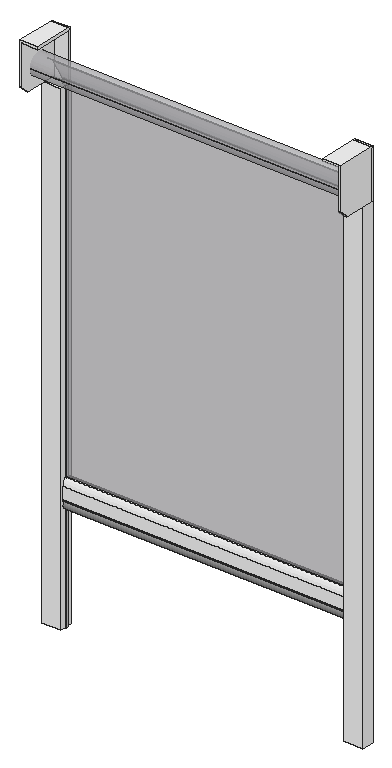
Revit family "Wall_Mount-Screen-Sliding-Phantom_Screens-Motorized_Overhead_Recessed02-CS", category Specialty Equipment, Revit 2017
Family settings
  Round Connector Dimension = Use Diameter
  Part Type = Normal
  OmniClass Number = 23.30.60.21
  OmniClass Title = Insect Screens
  Work Plane-Based = No
  Always vertical = Yes
  Cut with Voids When Loaded = No
  Shared = No
  Room Calculation Point = No
Parameters (values of type "2 1/2 in Roller")
  Width [instance] = if(Requested Width > Max Width, Max Width, if(Requested Width < Min Width, Min Width, Requested Width))  # 3' - 0"
  Void Offset = if([2 1/2 in Roller], 0' 0 13/16", 0' 1 5/8")  # 0' - 0 13/16"
  URL = "https://www.phantomscreens.com/"
  Type Comments = if([5 in Roller], "5 in Recessed Roller", if([4 in Roller], "4 in Recessed Roller", "2 1/2 in Recessed Roller"))  # "2 1/2 in Recessed Roller"
  Track Thickness = 0' - 1 3/8"  # constant formula
  Track Height = 0' - 2 7/64"  # constant formula
  Thickness = if(or([4 in Roller], [5 in Roller]), 0' 4 13/16", 0' 4")  # 0' - 4"
  Slide Bar Height [instance] = if([4 in Bottom Seal], 0' 3 11/16", if([6 in Bottom Seal], 0' 4 5/16", if([1 1/2 in Brush Pile], 0' 3 13/16", if([3/4 in Brush Pile], 0' 3 1/16", 0' 3 15/64"))))  # 0' - 3 15/64"
  Screen Opening Height Calc [instance] = if(Screen Opening > Height Opening - Slide Bar Height, Height Opening - Slide Bar Height, Screen Opening)  # 1' - 0"
  Roller Radius = if([2 1/2 in Roller], 0' 1 1/4", if([4 in Roller], 0' 2", 0' 2 1/2"))  # 0' - 1 1/4"
  Requested Width [instance] = 3' - 0"
  Requested Height [instance] = 5' - 0"
  Product Page URL = "https://www.phantomscreens.com/retractable-large-openings/"
  Product Name = "Motorized Overhead Wall Screens"  # constant formula
  Product Documentation Link = "https://www.phantomscreens.com/architects-designers/"
  Not 2 1/2 = not([2 1/2 in Roller])  # no
  Model = "Motorized Retractable Wall Screen"  # constant formula
  Min Width = if([2 1/2 in Roller], 2' 2", if([4 in Roller], 2' 9", 2' 9"))  # 2' - 2"
  Mesh Offset = 0' - 0 159/256"  # constant formula
  Max Width = if([2 1/2 in Roller], 10' 0", if([4 in Roller], 20' 0", 25' 0"))  # 10' - 0"
  Max Height = if([2 1/2 in Roller], 8' 0", if([4 in Roller], 11' 0", 16' 0"))  # 8' - 0"
  Manufacturer = "Phantom Mfg. (Int'l) Ltd."  # constant formula
  Housing Height = if(or([4 in Roller], [5 in Roller]), 0' 8", 0' 7")  # 0' - 7"
  Height Opening [instance] = Height - Housing Height  # 4' - 5"
  Height [instance] = if(Requested Height > Max Height, Max Height, Requested Height)  # 5' - 0"
  Finish Seal = Vinyl-Seal-Phantom_Screens-T-Vinyl_Grey
  Finish Screen = Screen-Insect_Mesh-Phantom_Screens-BetterVue_Mesh
  Finish = Metal-Aluminum-Phantom_Screens-Classic_White
  Screen Opening [instance] = 1' - 0"
  Description = "Phantom motorized retractable screen with side tracks"  # constant formula
  Brush Pile [instance] = or([3/4 in Brush Pile], [1 1/2 in Brush Pile])  # no
  Bracket Width = if([4 in Roller], 0' 3 1/8", if([5 in Roller], 0' 4 1/8", 0' 4 1/2"))  # 0' - 4 1/2"
  Assembly Code = "B2010300"
  6 in Bottom Seal [instance] = no
  5 in Roller = no
  4 in Roller = no
  4 in Bottom Seal [instance] = no
  3/4 in Brush Pile [instance] = no
  3 in Bottom Seal [instance] = not(or(or(or([4 in Bottom Seal], [6 in Bottom Seal], [1 1/2 in Brush Pile], [3/4 in Brush Pile]))))  # yes
  2 1/2 in Roller = not(or([4 in Roller], [5 in Roller]))  # yes
  1 1/2 in Brush Pile [instance] = no
Types (4): name | Void Offset | Type Comments | Thickness | Roller Radius | Not 2 1/2 | Min Width | Max Width | Max Height | Housing Height | Height Opening | Bracket Width | 5 in Roller | 4 in Roller | 2 1/2 in Roller
  (no name) | 0' - 0 13/16" | "2 1/2 in Recessed Roller" | 0' - 4" | 0' - 1 1/4" | no | 2' - 2" | 10' - 0" | 8' - 0" | 0' - 7" | 4' - 5" | 0' - 4 1/2" | no | no | yes
  5 in Roller | 0' - 1 5/8" | "5 in Recessed Roller" | 0' - 4 13/16" | 0' - 2 1/2" | yes | 2' - 9" | 25' - 0" | 16' - 0" | 0' - 8" | 4' - 4" | 0' - 4 1/8" | yes | no | no
  4 in Roller | 0' - 1 5/8" | "4 in Recessed Roller" | 0' - 4 13/16" | 0' - 2" | yes | 2' - 9" | 20' - 0" | 11' - 0" | 0' - 8" | 4' - 4" | 0' - 3 1/8" | no | yes | no
  2 1/2 in Roller | 0' - 0 13/16" | "2 1/2 in Recessed Roller" | 0' - 4" | 0' - 1 1/4" | no | 2' - 2" | 10' - 0" | 8' - 0" | 0' - 7" | 4' - 5" | 0' - 4 1/2" | no | no | yes
Reference planes (in)
  plane 1 "Center (Front/Back)": y = -3.46754
  plane 2: z = 0
  plane 3 "Center (Left/Right)": x = 28.55646
  plane 4 "Top": z = 60
  plane 5 "Left": x = 10.55646
  plane 6 "Right": x = 46.55646
  plane 7 "Front": y = -3.46754
  plane 8 "Back": y = 0.53246
  plane 9 "Screen Top": z = 53
  plane 10 "Track Interior": y = -1.15653
  plane 11 "Bottom Track": z = 12
  plane 12 "Track Exterior": y = 0.21847
  plane 13 "Right Offset": x = 44.44708
  plane 14 "Left Offset": x = 12.66583
  plane 15 "ScreenOffset": z = 15.23437
  plane 16 "Slide Bar Edge": y = -0.76442
  plane 17 "Req Width Left": x = 10.55646
  plane 18 "Req Width Right": x = 46.55646
  plane 19 "Req Height": z = 60
  plane 20 "Screen Open": z = 12
  plane 21: z = 12
  plane 22 "Void": y = -4.28004
Forms (in)
  Extrusion 1, solid, material "Metal-Aluminum-Phantom_Screens-Classic_White" <- "Finish", detail levels coarse
    sketch origin (0, 0, 0) x (1, 0, 0) y (0, 1, 0)
      loop
        line (10.55646, 0.21847) -> (10.55646, -1.15653) -> (12.66583, -1.15653) -> (12.66583, 0.21847) -> (10.55646, 0.21847)
      loop
        line (44.44708, 0.21847) -> (44.44708, -1.15653) -> (46.55646, -1.15653) -> (46.55646, 0.21847) -> (44.44708, 0.21847)
    from 0 to 54.5
  Extrusion 2, solid, material "Screen-Insect_Mesh-Phantom_Screens-BetterVue_Mesh" <- "Finish Screen"
    sketch origin (0, 0, 0) x (1, 0, 0) y (0, 1, 0)
      loop
        line (12.29083, -0.40262) -> (12.29083, -0.47684) -> (44.81817, -0.47684) -> (44.81817, -0.40262) -> (12.29083, -0.40262)
    from 14.85217 to 55.05
  Extrusion 3, solid, material "Metal-Aluminum-Phantom_Screens-Classic_White" <- "Finish", detail levels medium+fine
    sketch origin (0, 0, 2) x (1, 0, 0) y (0, 1, 0)
      loop
        line (12.66583, 0.21847) -> (10.55646, 0.21847) -> (10.55646, -1.15653) -> (12.66583, -1.15653) -> (12.66583, -0.64122)
        arc (12.66583, -0.64122) -> (12.72259, -0.59305) -> (12.75815, -0.52764) r 0.20286
        line (12.75815, -0.52764) -> (12.66583, -0.52764) -> (12.66583, -0.40254) -> (12.75815, -0.40254)
        arc (12.75815, -0.40254) -> (12.72259, -0.33714) -> (12.66583, -0.28897) r 0.20286
        line (12.66583, -0.28897) -> (12.66583, 0.21847)
      loop
        line (44.44708, 0.21847) -> (44.44708, -0.28897)
        arc (44.44708, -0.28897) -> (44.39032, -0.33714) -> (44.35476, -0.40254) r 0.20286
        line (44.35476, -0.40254) -> (44.44708, -0.40254) -> (44.44708, -0.52764) -> (44.35476, -0.52764)
        arc (44.35476, -0.52764) -> (44.39032, -0.59305) -> (44.44708, -0.64122) r 0.20286
        line (44.44708, -0.64122) -> (44.44708, -1.15653) -> (46.55646, -1.15653) -> (46.55646, 0.21847) -> (44.44708, 0.21847)
    from -2 to 52.5
  Extrusion 4, solid, material "Metal-Aluminum-Phantom_Screens-Classic_White" <- "Finish", detail levels coarse
    sketch origin (28.55646, 0, 0) x (0, 1, 0) y (0, 0, 1)
      loop
        line (0.05015, 15.23437) -> (-0.9811, 15.23437) -> (-0.9811, 12) -> (0.05015, 12) -> (0.05015, 15.23437)
    from -15.89063 to 15.89063
  Extrusion 5, solid, material "Screen-Insect_Mesh-Phantom_Screens-BetterVue_Mesh" <- "Finish Screen"
    sketch origin (28.55646, 0.5, 0) x (0, 1, 0) y (0, 0, 1)
      loop
        circle (-2.53004, 56.75) r 1.25
    from -17.75 to 17.75
  Extrusion 6, solid, material "Metal-Aluminum-Phantom_Screens-Classic_White" <- "Finish", detail levels medium+fine
    sketch origin (0, 0.53246, 0) x (-1, 0, 0) y (0, 0, -1)
      loop
        line (-46.55646, -54.5) -> (-46.55646, -60) -> (-44.55646, -60) -> (-44.55646, -59.75) -> (-46.30646, -59.75) -> (-46.30646, -54.5) -> (-46.55646, -54.5)
      loop
        line (-10.55646, -54.5) -> (-10.80646, -54.5) -> (-10.80646, -59.75) -> (-12.55646, -59.75) -> (-12.55646, -60) -> (-10.55646, -60) -> (-10.55646, -54.5)
    from 0.3125 to 4.8125
  Extrusion 7, solid, material "Metal-Aluminum-Phantom_Screens-Classic_White" <- "Finish", detail levels medium+fine
    sketch origin (28.55646, -0.01208, 0) x (0, 1, 0) y (0, 0, 1)
      loop
        line (-0.13489, 12.91334) -> (-0.01651, 12.91334)
        arc (-0.01651, 12.91334) -> (0.03916, 12.93641) -> (0.06223, 12.99208) r 0.07874
        line (0.06223, 12.99208) -> (0.06223, 14.45505)
        arc (0.06223, 14.45505) -> (-0.07265, 14.85378) -> (-0.25244, 15.23437) r 3.6579
        line (-0.25244, 15.23437) -> (-0.36492, 15.23437) -> (-0.36492, 15.16923) -> (-0.54189, 15.16923) -> (-0.54189, 15.23437) -> (-0.65436, 15.23437)
        arc (-0.65436, 15.23437) -> (-0.86605, 14.86666) -> (-0.96903, 14.45505) r 1.53543
        line (-0.96903, 14.45505) -> (-0.96903, 12.99208)
        arc (-0.96903, 12.99208) -> (-0.94596, 12.93641) -> (-0.89029, 12.91334) r 0.07874
        line (-0.89029, 12.91334) -> (-0.77784, 12.91334)
        arc (-0.77784, 12.91334) -> (-0.79059, 12.86608) -> (-0.81275, 12.82243) r 0.23788
        line (-0.81275, 12.82243) -> (-0.10064, 12.82243)
        arc (-0.10064, 12.82243) -> (-0.12246, 12.86612) -> (-0.13489, 12.91334) r 0.23788
    from -15.89063 to 15.89063
  Blend 8, solid, material "Screen-Insect_Mesh-Phantom_Screens-BetterVue_Mesh" <- "Finish Screen"
    base sketch origin (0, 0, 0) x (1, 0, 0) y (0, 1, 0)
      loop
        line (12.29083, -0.40262) -> (12.29083, -0.47684) -> (44.81817, -0.47684) -> (44.81817, -0.40262) -> (12.29083, -0.40262)
    top sketch origin (0, 0, 0) x (1, 0, 0) y (0, 1, 0)
      loop
        line (12.29083, -1.79325) -> (12.29083, -1.86747) -> (44.81817, -1.86747) -> (44.81817, -1.79325) -> (12.29083, -1.79325)
    from 55.05 to 57.5
  Extrusion 9, solid, material "Vinyl-Seal-Phantom_Screens-T-Vinyl_Grey" <- "Finish Seal", visible <- "3 in Bottom Seal", detail levels medium+fine
    sketch origin (28.55646, 0, 0) x (0, 1, 0) y (0, 0, 1)
      loop
        arc (-0.82482, 12.82243) -> (-0.46877, 12) -> (-0.11272, 12.82243) r 0.48829
        line (-0.11272, 12.82243) -> (-0.82482, 12.82243)
    from -15.89063 to 15.89063
  Extrusion 10, solid, material "Vinyl-Seal-Phantom_Screens-T-Vinyl_Grey" <- "Finish Seal", visible <- "6 in Bottom Seal", detail levels medium+fine
    sketch origin (28.55646, 0, 0.5) x (0, 1, 0) y (0, 0, 1)
      loop
        arc (-0.82483, 13.40056) -> (-0.46877, 11.4868) -> (-0.11272, 13.40056) r 0.99
        line (-0.11272, 13.40056) -> (-0.82483, 13.40056)
    from -15.89063 to 15.89063
  Extrusion 11, solid, material "Vinyl-Seal-Phantom_Screens-T-Vinyl_Grey" <- "Finish Seal", visible <- "4 in Bottom Seal", detail levels medium+fine
    sketch origin (28.55646, 0, 1.13516) x (0, 1, 0) y (0, 0, 1)
      loop
        arc (-0.82483, 12.14039) -> (-0.46877, 10.86478) -> (-0.11272, 12.14039) r 0.6875
        line (-0.11272, 12.14039) -> (-0.82483, 12.14039)
    from -15.89063 to 15.89063
  Extrusion 12, solid, material "Brush-Seal-Phantom_Screens-Brush_Pile_Black", visible <- "Brush Pile", detail levels medium+fine
    sketch origin (28.55646, 0, 0) x (0, 1, 0) y (0, 0, 1)
      loop
        line (-0.04434, 12) -> (-0.11271, 12.82243) -> (-0.24075, 12.82243) -> (-0.30913, 12) -> (-0.04434, 12)
      loop
        line (-0.6902, 12.82243) -> (-0.82482, 12.82243) -> (-0.8932, 12) -> (-0.62182, 12) -> (-0.6902, 12.82243)
    from -15.89063 to 15.89063
  Extrusion 13, void
    sketch origin (28.55646, 0, 0) x (0, 1, 0) y (0, 0, 1)
      loop
        line (-3.19411, 54.22657) -> (-4.5282, 55.56066) -> (-4.5282, 54.22657) -> (-3.19411, 54.22657)
    from -18 to 18
  Extrusion 14, solid, material "Metal-Aluminum-Phantom_Screens-Classic_White" <- "Finish", visible <- "2 1/2 in Roller", detail levels medium+fine
    sketch origin (0, 0.53246, 0) x (-1, 0, 0) y (0, 0, -1)
      loop
        line (-10.55646, -60) -> (-10.55646, -54.5) -> (-12.55646, -54.5) -> (-12.55646, -60) -> (-10.55646, -60)
      loop
        line (-46.55646, -60) -> (-44.55646, -60) -> (-44.55646, -54.5) -> (-46.55646, -54.5) -> (-46.55646, -60)
    from 0.31398 to 0.41398
Cuts and joins
  Extrusion 13 cuts Extrusion 6
Dimensions and locks (in)
  equal spacing: plane 5 "Left", plane 3 "Center (Left/Right)", plane 6 "Right"
  "Width": plane 5 "Left" to plane 6 "Right"
  "Housing Height": plane 4 "Top" to plane 9 "Screen Top"
  "Height": plane 4 "Top" to level
  "Screen Opening Height Calc": plane 20 "Screen Open" to plane 2
  plane 8 "Back" to plane 1 "Center (Front/Back)" to plane 7 "Front" = 0' - 4", 0' - 0"
  "Track Thickness": plane 10 "Track Interior" to plane 12 "Track Exterior"
  plane 12 "Track Exterior" to plane 8 "Back" = 0' - 0.31398"
  "Track Height": plane 5 "Left" to plane 14 "Left Offset"
  "Track Height": plane 13 "Right Offset" to plane 6 "Right"
  "Slide Bar Height": plane 15 "ScreenOffset" to plane 11 "Bottom Track"
  locked: plane 15 "ScreenOffset" to Extrusion 2 at 0.38221
  "Mesh Offset": Extrusion 2 sketch curve to plane 12 "Track Exterior"
  locked: Extrusion 2 sketch curve to plane 14 "Left Offset" at 0.375
  locked: plane 13 "Right Offset" to Extrusion 2 sketch curve at 0.37109
  plane 5 "Left" to nested 2 to Extrusion 3 sketch curve to Extrusion 3 sketch curve to Extrusion 3 sketch curve to Extrusion 3 sketch curve = 0' - 0" locked, 0' - 2 7/64" locked, 0' - 0" locked, 0' - 0.09232" locked, 0' - 0" locked
  Extrusion 3 sketch curve to Extrusion 3 sketch curve to Extrusion 3 sketch curve to Extrusion 3 sketch curve to Extrusion 3 sketch curve to Extrusion 3 sketch curve to plane 12 "Track Exterior" = 0' - 0.51531" locked, 0' - 0.11357" locked, 0' - 0.12511" locked, 0' - 0.11357" locked, 0' - 0.50744" locked, 0' - 0" locked  (x2)
  plane 6 "Right" to Extrusion 3 sketch curve to Extrusion 3 sketch curve to Extrusion 3 sketch curve to Extrusion 3 sketch curve = 0' - 2 7/64", 0' - 0" locked, 0' - 0.09232", 0' - 0" locked
  locked: Extrusion 2 to plane 9 "Screen Top" at 2.05
  locked: Extrusion 2 sketch curve to Extrusion 2 sketch curve at 0.07422
  Extrusion 4 sketch curve to Extrusion 4 sketch curve to plane 10 "Track Interior" = 0' - 1 1/32" locked, 0' - 0.17543" locked
  plane 4 "Top" to Extrusion 6 sketch curve to Extrusion 6 sketch curve = 0' - 0 1/4" locked, 0' - 5 1/4" locked  (x2)
  Extrusion 6 sketch curve to Extrusion 6 sketch curve to plane 6 "Right" = 0' - 1 3/4" locked, 0' - 0 1/4" locked
  Extrusion 6 sketch curve to Extrusion 6 sketch curve to plane 5 "Left" = 0' - 1 3/4" locked, 0' - 0 1/4" locked
  locked: Extrusion 5 to plane 5 "Left" at 0.25
  locked: plane 6 "Right" to Extrusion 5 at 0.25
  locked: plane 8 "Back" to plane 12 "Track Exterior" at 0.31398
  plane 15 "ScreenOffset" to Extrusion 7 sketch curve to Extrusion 7 sketch curve to Extrusion 7 sketch curve to Extrusion 7 sketch curve to Extrusion 7 sketch curve to Extrusion 7 sketch curve to Extrusion 7 sketch curve to Extrusion 7 sketch curve = 0' - 0" locked, 0' - 0" locked, 0' - 0.06515" locked, 0' - 0.71418" locked, 0' - 0" locked, 0' - 1.54171" locked, 0' - 0" locked, 0' - 0.09091" locked
  locked: plane 12 "Track Exterior" to nested 1 at 0.16832
  "Thickness": plane 8 "Back" to plane 7 "Front"
  equal spacing: Extrusion 6, Extrusion 5 sketch curve, Extrusion 6
  "Mesh Offset": Blend 8 sketch curve to plane 12 "Track Exterior"
  locked: Blend 8 sketch curve to Blend 8 sketch curve at 0.07422
  locked: Blend 8 sketch curve to plane 14 "Left Offset" at 0.375  (x2)
  locked: plane 13 "Right Offset" to Blend 8 sketch curve at 0.37109  (x2)
  locked: plane 9 "Screen Top" to Blend 8 at 2.05
  plane 8 "Back" to Blend 8 = 0' - 2.3257"
  Blend 8 sketch curve to Blend 8 sketch curve to plane 1 "Center (Front/Back)" = 0' - 0 19/256" locked, 0' - 1.60008"
  locked: plane 1 "Center (Front/Back)" to Extrusion 6 at 0.8125
  locked: Extrusion 3 to plane 9 "Screen Top" at 1.5
  locked: Extrusion 1 to plane 9 "Screen Top" at 1.5
  "Requested Height": plane 19 "Req Height" to plane 2
  "Requested Width": plane 18 "Req Width Right" to plane 17 "Req Width Left"
  equal spacing: plane 18 "Req Width Right", plane 3 "Center (Left/Right)", plane 17 "Req Width Left"
  locked: Blend 8 to plane 9 "Screen Top" at 4.5
  "Screen Opening": plane 21 to plane 2
  plane 12 "Track Exterior" to Extrusion 7 sketch curve to Extrusion 7 sketch curve to Extrusion 7 sketch curve to Extrusion 7 sketch curve to Extrusion 7 sketch curve to Extrusion 7 sketch curve to Extrusion 7 sketch curve to Extrusion 7 sketch curve to Extrusion 7 sketch curve to Extrusion 7 sketch curve = 0' - 0.16832" locked, 0' - 0.16286" locked, 0' - 0.03426" locked, 0' - 0.11754" locked, 0' - 0.11248" locked, 0' - 0.17697" locked, 0' - 0.11248" locked, 0' - 0.12348" locked, 0' - 0.0349" locked, 0' - 0.15628" locked
  Extrusion 9 sketch curve to Extrusion 9 sketch curve to plane 20 "Screen Open" = 0' - 0.82243" locked, 0' - 0" locked
  plane 12 "Track Exterior" to Extrusion 9 sketch curve to Extrusion 9 sketch curve = 0' - 0.33119" locked, 0' - 0.71211" locked
  Extrusion 10 sketch curve to plane 20 "Screen Open" to Extrusion 10 sketch curve = 0' - 1.90056" locked, 0' - 0.0132" locked
  Extrusion 11 sketch curve to plane 20 "Screen Open" to Extrusion 11 sketch curve = 0' - 1.27556" locked, 0' - 0.00006" locked
  plane 12 "Track Exterior" to Extrusion 11 sketch curve to Extrusion 11 sketch curve = 0' - 0.33119" locked, 0' - 0.71211" locked
  plane 12 "Track Exterior" to Extrusion 12 sketch curve to Extrusion 12 sketch curve to Extrusion 12 sketch curve to Extrusion 12 sketch curve = 0' - 0.33119" locked, 0' - 0.12804" locked, 0' - 0.44945" locked, 0' - 0.13462" locked
  plane 15 "ScreenOffset" to Extrusion 12 sketch curve to Extrusion 12 sketch curve = 0' - 2.41194" locked, 0' - 0" locked
  plane 12 "Track Exterior" to Extrusion 10 sketch curve to Extrusion 10 sketch curve = 0' - 0.33119" locked, 0' - 0.71211" locked
  "Bracket Width": Extrusion 6 to Extrusion 6
  Extrusion 13 sketch curve to plane 22 "Void" to Extrusion 13 sketch curve = 0' - 1 11/128" locked, 0' - 0.24816" locked
  plane 19 "Req Height" to Extrusion 13 sketch curve to Extrusion 13 sketch curve = 0' - 4.43934" locked, 0' - 1.33409" locked
  "Void Offset": plane 7 "Front" to plane 22 "Void"
  locked: Extrusion 14 sketch curve to plane 17 "Req Width Left" at 2
  locked: plane 19 "Req Height" to Extrusion 14 sketch curve at 5.5  (x2)
  locked: Extrusion 14 sketch curve to plane 18 "Req Width Right" at 2
  locked: Extrusion 14 to plane 12 "Track Exterior" at 0.1
  "Roller Radius": radius of Extrusion 5 sketch curve
  aligned and locked: level to plane 2
  aligned and locked: Extrusion 1 sketch curve to plane 10 "Track Interior"  (x2)
  aligned and locked: plane 6 "Right" to Extrusion 1 sketch curve
  aligned and locked: Extrusion 1 to level
  aligned and locked: Extrusion 1 sketch curve to plane 13 "Right Offset"
  aligned and locked: plane 12 "Track Exterior" to Extrusion 1 sketch curve  (x2)
  aligned and locked: plane 5 "Left" to Extrusion 1 sketch curve
  aligned and locked: Extrusion 1 sketch curve to plane 14 "Left Offset"
  aligned and locked: nested 2 to plane 5 "Left"
  aligned and locked: nested 1 to plane 11 "Bottom Track"
  aligned and locked: plane 6 "Right" to nested 3
  aligned and locked: nested 2 to plane 12 "Track Exterior"
  aligned and locked: plane 12 "Track Exterior" to nested 3
  aligned and locked: plane 11 "Bottom Track" to Extrusion 4 sketch curve
  aligned and locked: Extrusion 4 sketch curve to plane 15 "ScreenOffset"
  aligned and locked: Extrusion 4 to plane 14 "Left Offset"
  aligned and locked: Extrusion 4 to plane 13 "Right Offset"
  aligned and locked: plane 4 "Top" to Extrusion 6 sketch curve
  aligned and locked: Extrusion 6 sketch curve to plane 6 "Right"
  aligned and locked: Extrusion 6 sketch curve to plane 4 "Top"
  aligned and locked: Extrusion 7 to plane 14 "Left Offset"
  aligned and locked: Extrusion 7 to plane 13 "Right Offset"
  aligned and locked: plane 20 "Screen Open" to plane 11 "Bottom Track"
  aligned and locked: plane 14 "Left Offset" to Extrusion 3 sketch curve
  aligned and locked: Extrusion 2 to Blend 8
  aligned and locked: Extrusion 6 to plane 5 "Left"
  aligned and locked: Extrusion 3 to plane 5 "Left"
  aligned and locked: Extrusion 10 to plane 14 "Left Offset"
  aligned and locked: Extrusion 11 to plane 14 "Left Offset"
  aligned and locked: Extrusion 12 to plane 14 "Left Offset"
  aligned and locked: Extrusion 9 to plane 14 "Left Offset"
  aligned and locked: Extrusion 10 to plane 13 "Right Offset"
  aligned and locked: Extrusion 11 to plane 13 "Right Offset"
  aligned and locked: Extrusion 12 to plane 13 "Right Offset"
  aligned and locked: Extrusion 9 to plane 13 "Right Offset"
  aligned and locked: Extrusion 12 sketch curve to plane 20 "Screen Open"  (x2)
  aligned and locked: Extrusion 13 to plane 17 "Req Width Left"
  aligned and locked: Extrusion 13 to plane 18 "Req Width Right"
  aligned and locked: Extrusion 14 sketch curve to cut or joined group of Extrusion 6, Extrusion 13  (x2)
  aligned and locked: plane 19 "Req Height" to Extrusion 14 sketch curve
  aligned and locked: Extrusion 14 sketch curve to plane 18 "Req Width Right"
  aligned and locked: Extrusion 14 to plane 12 "Track Exterior"
Automatic sketch dimensions
  plane 12 "Track Exterior" to Extrusion 12 sketch curve = 0' - 0.5276"
  Extrusion 12 sketch curve to Extrusion 12 sketch curve = 0' - 0.26479"
  Extrusion 12 sketch curve to plane 10 "Track Interior" = 0' - 0.26333"
  Extrusion 12 sketch curve to Extrusion 12 sketch curve = 0' - 0.27138"
  Extrusion 3 sketch curve to Extrusion 3 sketch curve = 0' - 0"  (x4)
  Extrusion 3 sketch curve to plane 5 "Left" = 0' - 0"
  Extrusion 3 sketch curve to plane 13 "Right Offset" = 0' - 0"
  Extrusion 3 sketch curve to plane 6 "Right" = 0' - 0"
  Extrusion 6 sketch curve to plane 5 "Left" = 0' - 0"
  Extrusion 7 sketch curve to Extrusion 7 sketch curve = 0' - 0.04364"
  plane 1 "Center (Front/Back)" to Extrusion 7 sketch curve = 0' - 0.00904"
  Extrusion 7 sketch curve to Extrusion 7 sketch curve = 0' - 0.07874"  (x2)
  Extrusion 7 sketch curve to Extrusion 7 sketch curve = 0' - 0.03792"
  Extrusion 7 sketch curve to plane 8 "Back" = 0' - 0.01317"
  Extrusion 5 sketch curve to plane 4 "Top" = 0' - 3 1/4"
Nested families (in)
  nested 1: "Nested-Detail-Phantom_Screens-Motorized-Overhead-Slide_Bar" at (28.55646, -0.46548, 14) x (0, 1, 0) z (1, 0, 0), type "Slide Bar"
  nested 2: "Nested-Detail-Phantom_Screens-Motorized-Overhead-Side_Track_Recessed" at (12.55646, -0.46903, 0) x (0, -1, 0) z (0, 0, 1), type "Side Track Recessed"
  nested 3: "Nested-Detail-Phantom_Screens-Motorized-Overhead-Side_Track_Recessed" at (44.55646, -0.46903, 0) x (0, -1, 0) z (0, 0, 1), type "Side Track Recessed"
Definition of nested family "Nested-Detail-Phantom_Screens-Motorized-Overhead-Slide_Bar"
  Parameters (values of type "Seal")
    Width = 0' - 1 1/32"  # constant formula
    URL = "https://www.phantomscreens.com/"
    Type Comments = "For Use With Phantom Models Only"  # constant formula
    Manufacturer = "Phantom Mfg. (Int'l) Ltd."  # constant formula
    Height = if([4 in Bottom Seal], 0' 3 11/16", if([6 in Bottom Seal], 0' 4 5/16", if([1 1/2 in Brush Pile], 0' 3 13/16", if([3/4 in Brush Pile], 0' 3 1/16", 0' 3 15/64"))))  # 0' - 3 15/64"
    Description = if([4 in Bottom Seal], "4 in T-Vinyl", if([6 in Bottom Seal], "6 in T-Vinyl", if([1 1/2 in Brush Pile], " 1 1/2 in Unversal Brush Pile", if([3/4 in Brush Pile], "3/4 in Universal Brush Pile", "3 in T-Vinyl"))))  # "3 in T-Vinyl"
    Brush Pile = or([1 1/2 in Brush Pile], [3/4 in Brush Pile])  # no
    6 in Bottom Seal = no
    4 in Bottom Seal = no
    3/4 in Brush Pile = no
    3 in Bottom Seal = not(or(or(or([4 in Bottom Seal], [6 in Bottom Seal], [1 1/2 in Brush Pile], [3/4 in Brush Pile]))))  # yes
    1 1/2 in Brush Pile = no
  Reference planes (in)
    plane 1 "Center (Front/Back)": y = -0.38281
    plane 2: z = 0
    plane 3 "Center (Left/Right)": x = 0
    plane 4 "Right": x = 0.51563
    plane 5 "Left": x = -0.51563
    plane 6 "Top": y = 1.23438
    plane 7 "Bottom": y = -2
  Lines and regions (in)
    Masking region 1, in view "Ref. Level", detail levels medium+fine
      outline origin (0, 0, 0) x (1, 0, 0) y (0, 1, 0)
        loop
          arc (-0.20096, 1.23437) -> (-0.41265, 0.86666) -> (-0.51562, 0.45505) r 1.53543
          line (-0.51562, 0.45505) -> (-0.51563, -1.00792)
          arc (-0.51563, -1.00792) -> (-0.49256, -1.06359) -> (-0.43688, -1.08666) r 0.07874
          line (-0.43688, -1.08666) -> (-0.3516, -1.08666) -> (-0.3516, -1.03705) -> (-0.44937, -1.03705)
          arc (-0.44937, -1.03705) -> (-0.47653, -0.98114) -> (-0.44937, -0.92524) r 0.07111
          line (-0.44937, -0.92524) -> (-0.12732, -0.92524)
          arc (-0.12732, -0.92524) -> (-0.10015, -0.98114) -> (-0.12732, -1.03705) r 0.07111
          line (-0.12732, -1.03705) -> (-0.22509, -1.03705) -> (-0.22509, -1.08666) -> (0.22509, -1.08666) -> (0.22509, -1.03705) -> (0.12732, -1.03705)
          arc (0.12732, -1.03705) -> (0.10016, -0.98114) -> (0.12732, -0.92524) r 0.07111
          line (0.12732, -0.92524) -> (0.44937, -0.92524)
          arc (0.44937, -0.92524) -> (0.47653, -0.98114) -> (0.44937, -1.03705) r 0.07111
          line (0.44937, -1.03705) -> (0.3516, -1.03705) -> (0.3516, -1.08666) -> (0.43689, -1.08666)
          arc (0.43689, -1.08666) -> (0.49256, -1.06359) -> (0.51563, -1.00792) r 0.07874
          line (0.51563, -1.00792) -> (0.51563, 0.45505)
          arc (0.51563, 0.45505) -> (0.41266, 0.86666) -> (0.20096, 1.23437) r 1.53543
          line (0.20096, 1.23437) -> (0.08849, 1.23437) -> (0.08849, 1.16923) -> (0.17, 1.16923) -> (0.17, 0.91354) -> (0.0625, 0.91354) -> (0.0625, 0.86364) -> (0.155, 0.7877) -> (0.155, 0.68935)
          arc (0.155, 0.68935) -> (0, 0.53435) -> (-0.155, 0.68935) r 0.155
          line (-0.155, 0.68935) -> (-0.155, 0.7877) -> (-0.0625, 0.86364) -> (-0.0625, 0.91354) -> (-0.17, 0.91354) -> (-0.17, 1.16923) -> (-0.08849, 1.16923) -> (-0.08849, 1.23437) -> (-0.20096, 1.23437)
    Masking region 2, in view "Ref. Level", visible <- "4 in Bottom Seal", detail levels medium+fine
      outline origin (0, 0, 0) x (1, 0, 0) y (0, 1, 0)
        loop
          line (-0.45068, -0.95027) -> (-0.45068, -1.02158) -> (-0.32293, -1.02158)
          arc (-0.32293, -1.02158) -> (-0.32762, -1.10273) -> (-0.35935, -1.17757) r 0.23788
          arc (-0.35935, -1.17757) -> (-0.0033, -2.45318) -> (0.35276, -1.17757) r 0.6875
          arc (0.35276, -1.17757) -> (0.32156, -1.10264) -> (0.31737, -1.02158) r 0.23788
          line (0.31737, -1.02158) -> (0.44495, -1.02158) -> (0.44495, -0.95027) -> (0.13499, -0.95027) -> (0.13499, -1.02158) -> (0.26622, -1.02158)
          arc (0.26622, -1.02158) -> (0.28105, -1.1407) -> (0.35215, -1.23741) r 0.23788
          arc (0.35215, -1.23741) -> (-0.01186, -2.40235) -> (-0.3444, -1.22804) r 0.63672
          arc (-0.3444, -1.22804) -> (-0.28326, -1.13358) -> (-0.27237, -1.02158) r 0.23788
          line (-0.27237, -1.02158) -> (-0.14072, -1.02158) -> (-0.14072, -0.95027) -> (-0.45068, -0.95027)
    Masking region 3, in view "Ref. Level", detail levels coarse
      outline origin (0, 0, 0) x (1, 0, 0) y (0, 1, 0)
        loop
          line (-0.51563, 1.23438) -> (-0.51562, -2) -> (0.51563, -2) -> (0.51563, 1.23438) -> (-0.51563, 1.23438)
    Masking region 4, in view "Ref. Level", detail levels fine
      outline origin (0, 0, 0) x (1, 0, 0) y (0, 1, 0)
        loop
          arc (-0.3531, 0.82295) -> (-0.4115, 0.63732) -> (-0.44476, 0.44558) r 1.46396
          line (-0.44476, 0.44558) -> (-0.44476, -0.86965) -> (0.44476, -0.86965) -> (0.44476, 0.44558)
          arc (0.44476, 0.44558) -> (0.4115, 0.63732) -> (0.3531, 0.82295) r 1.46396
          arc (0.3531, 0.82295) -> (0.28369, 0.8615) -> (0.233, 0.8004) r 0.06217
          line (0.233, 0.8004) -> (0.233, 0.69031)
          arc (0.233, 0.69031) -> (0.00048, 0.45635) -> (-0.233, 0.68935) r 0.233
          line (-0.233, 0.68935) -> (-0.233, 0.8004)
          arc (-0.233, 0.8004) -> (-0.28369, 0.8615) -> (-0.3531, 0.82295) r 0.06217
    Masking region 5, in view "Ref. Level", visible <- "6 in Bottom Seal", detail levels medium+fine
      outline origin (0, 0, 0) x (1, 0, 0) y (0, 1, 0)
        loop
          line (-0.45068, -0.95027) -> (-0.45068, -1.02158) -> (-0.32293, -1.02158)
          arc (-0.32293, -1.02158) -> (-0.32762, -1.10273) -> (-0.35935, -1.17757) r 0.23788
          arc (-0.35935, -1.17757) -> (-0.0033, -3.09132) -> (0.35276, -1.17757) r 0.99
          arc (0.35276, -1.17757) -> (0.32156, -1.10264) -> (0.31737, -1.02158) r 0.23788
          line (0.31737, -1.02158) -> (0.44495, -1.02158) -> (0.44495, -0.95027) -> (0.13499, -0.95027) -> (0.13499, -1.02158) -> (0.26622, -1.02158)
          arc (0.26622, -1.02158) -> (0.28105, -1.1407) -> (0.35215, -1.23741) r 0.23788
          arc (0.35215, -1.23741) -> (-0.02006, -3.01225) -> (-0.3444, -1.22804) r 0.92393
          arc (-0.3444, -1.22804) -> (-0.28326, -1.13358) -> (-0.27237, -1.02158) r 0.23788
          line (-0.27237, -1.02158) -> (-0.14072, -1.02158) -> (-0.14072, -0.95027) -> (-0.45068, -0.95027)
    Masking region 6, in view "Ref. Level", visible <- "3 in Bottom Seal", detail levels medium+fine
      outline origin (0, 0, 0) x (1, 0, 0) y (0, 1, 0)
        loop
          line (-0.45068, -0.95027) -> (-0.45068, -1.02158) -> (-0.32293, -1.02158)
          arc (-0.32293, -1.02158) -> (-0.32762, -1.10273) -> (-0.35935, -1.17757) r 0.23788
          arc (-0.35935, -1.17757) -> (-0.00329, -2.0014) -> (0.35276, -1.17757) r 0.48886
          arc (0.35276, -1.17757) -> (0.32156, -1.10264) -> (0.31737, -1.02158) r 0.23788
          line (0.31737, -1.02158) -> (0.44495, -1.02158) -> (0.44495, -0.95027) -> (0.13499, -0.95027) -> (0.13499, -1.02158) -> (0.26622, -1.02158)
          arc (0.26622, -1.02158) -> (0.26962, -1.10329) -> (0.30048, -1.17903) r 0.23788
          arc (0.30048, -1.17903) -> (-0.00271, -1.95176) -> (-0.30437, -1.17843) r 0.44568
          arc (-0.30437, -1.17843) -> (-0.27478, -1.10278) -> (-0.27237, -1.02158) r 0.23788
          line (-0.27237, -1.02158) -> (-0.14072, -1.02158) -> (-0.14072, -0.95027) -> (-0.45068, -0.95027)
    Masking region 7, in view "Ref. Level", visible <- "Brush Pile", detail levels medium+fine
      outline origin (0, 0, 0) x (1, 0, 0) y (0, 1, 0)
        loop
          line (-0.45068, -0.95027) -> (-0.45068, -1.02158) -> (-0.33075, -1.02158) -> (-0.41552, -2) -> (-0.15635, -2) -> (-0.24112, -1.02158) -> (-0.12509, -1.02158) -> (-0.12509, -0.95027) -> (-0.45068, -0.95027)
        loop
          line (0.45068, -0.95027) -> (0.12509, -0.95027) -> (0.12509, -1.02158) -> (0.24112, -1.02158) -> (0.15635, -2) -> (0.41552, -2) -> (0.33075, -1.02158) -> (0.45068, -1.02158) -> (0.45068, -0.95027)
  Dimensions and locks (in)
    equal spacing: plane 5 "Left", plane 3 "Center (Left/Right)", plane 4 "Right"
    "Height": plane 6 "Top" to plane 7 "Bottom"
    equal spacing: plane 6 "Top", plane 1 "Center (Front/Back)", plane 7 "Bottom"
    "Width": plane 5 "Left" to plane 4 "Right"
    Masking region 1 sketch curve to Masking region 1 sketch curve to Masking region 1 sketch curve to Masking region 1 sketch curve to Masking region 1 sketch curve to Masking region 1 sketch curve to Masking region 1 sketch curve to Masking region 1 sketch curve to Masking region 1 sketch curve to Masking region 1 sketch curve to Masking region 1 sketch curve to plane 3 "Center (Left/Right)" to Masking region 1 sketch curve to Masking region 1 sketch curve to Masking region 1 sketch curve to Masking region 1 sketch curve to Masking region 1 sketch curve to Masking region 1 sketch curve to Masking region 1 sketch curve to Masking region 1 sketch curve to Masking region 1 sketch curve to Masking region 1 sketch curve to Masking region 1 sketch curve = 0' - 0.03909" locked, 0' - 0.03965" locked, 0' - 0.08529" locked, 0' - 0.12651" locked, 0' - 0.02413" locked, 0' - 0.03096" locked, 0' - 0.015" locked, 0' - 0.05485" locked, 0' - 0.01167" locked, 0' - 0.02598" locked, 0' - 0 1/16" locked, 0' - 0 1/16" locked, 0' - 0.02598" locked, 0' - 0.01167" locked, 0' - 0.05485" locked, 0' - 0.015" locked, 0' - 0.03096" locked, 0' - 0.02413" locked, 0' - 0.12651" locked, 0' - 0.08529" locked, 0' - 0.03965" locked, 0' - 0.03909" locked
    plane 6 "Top" to Masking region 1 sketch curve to Masking region 1 sketch curve to Masking region 1 sketch curve to Masking region 1 sketch curve to Masking region 1 sketch curve to Masking region 1 sketch curve to Masking region 1 sketch curve to Masking region 1 sketch curve to Masking region 1 sketch curve to Masking region 1 sketch curve to Masking region 1 sketch curve to Masking region 1 sketch curve to Masking region 1 sketch curve to Masking region 1 sketch curve to Masking region 1 sketch curve to Masking region 1 sketch curve to Masking region 1 sketch curve to Masking region 1 sketch curve to Masking region 1 sketch curve to Masking region 1 sketch curve to Masking region 1 sketch curve to Masking region 1 sketch curve to Masking region 1 sketch curve to Masking region 1 sketch curve = 0' - 0" locked, 0' - 0" locked, 0' - 0.06515" locked, 0' - 0" locked, 0' - 0.25568" locked, 0' - 0" locked, 0' - 0.0499" locked, 0' - 0" locked, 0' - 0.07594" locked, 0' - 0" locked, 0' - 0.09835" locked, 0' - 0" locked, 0' - 0.155" locked, 0' - 0.0793" locked, 0' - 0" locked, 0' - 1.38029" locked, 0' - 0" locked, 0' - 0.11181" locked, 0' - 0" locked, 0' - 0" locked, 0' - 0" locked, 0' - 0.04961" locked, 0' - 0" locked, 0' - 0" locked
    plane 6 "Top" to Masking region 4 sketch curve to Masking region 4 sketch curve to Masking region 4 sketch curve to Masking region 4 sketch curve to Masking region 4 sketch curve to Masking region 4 sketch curve to Masking region 4 sketch curve to Masking region 4 sketch curve to Masking region 4 sketch curve to Masking region 4 sketch curve to Masking region 4 sketch curve to Masking region 4 sketch curve = 0' - 0.37181" locked, 0' - 0" locked, 0' - 0.03961" locked, 0' - 0" locked, 0' - 0.02256" locked, 0' - 0" locked, 0' - 0.11009" locked, 0' - 0.00096" locked, 0' - 0.233" locked, 0' - 0.01078" locked, 0' - 0" locked, 0' - 1.31522" locked
    Masking region 4 sketch curve to Masking region 4 sketch curve to Masking region 4 sketch curve to plane 3 "Center (Left/Right)" to Masking region 4 sketch curve to Masking region 4 sketch curve to Masking region 4 sketch curve to Masking region 4 sketch curve = 0' - 0.09166" locked, 0' - 0.1201" locked, 0' - 0.233" locked, 0' - 0" locked, 0' - 0.233" locked, 0' - 0.1201" locked, 0' - 0.09166" locked
    Masking region 2 sketch curve to Masking region 2 sketch curve to Masking region 2 sketch curve to Masking region 2 sketch curve to Masking region 2 sketch curve to Masking region 2 sketch curve to Masking region 2 sketch curve to Masking region 2 sketch curve to Masking region 2 sketch curve to Masking region 2 sketch curve to Masking region 2 sketch curve to Masking region 2 sketch curve to plane 6 "Top" = 0' - 0 13/256" locked, 0' - 1.16499" locked, 0' - 0.00937" locked, 0' - 0.05048" locked, 0' - 0" locked, 0' - 0.15598" locked, 0' - 0" locked, 0' - 0" locked, 0' - 0" locked, 0' - 0.07131" locked, 0' - 0" locked, 0' - 2.18464" locked
    Masking region 2 sketch curve to Masking region 2 sketch curve to Masking region 2 sketch curve to Masking region 2 sketch curve to Masking region 2 sketch curve to Masking region 2 sketch curve to plane 3 "Center (Left/Right)" to Masking region 2 sketch curve to Masking region 2 sketch curve to Masking region 2 sketch curve to Masking region 2 sketch curve = 0' - 0 13/256" locked, 0' - 0.18933" locked, 0' - 0.12929" locked, 0' - 0.05141" locked, 0' - 0.12926" locked, 0' - 0.14072" locked, 0' - 0.13499" locked, 0' - 0.12919" locked, 0' - 0.05149" locked, 0' - 0.12929" locked
    Masking region 5 sketch curve to Masking region 5 sketch curve to Masking region 5 sketch curve to Masking region 5 sketch curve to Masking region 5 sketch curve to Masking region 5 sketch curve to plane 3 "Center (Left/Right)" to Masking region 5 sketch curve to Masking region 5 sketch curve to Masking region 5 sketch curve to Masking region 5 sketch curve to Masking region 5 sketch curve = 0' - 0.09133" locked, 0' - 0.01495" locked, 0' - 0.02147" locked, 0' - 0.05057" locked, 0' - 0.13165" locked, 0' - 0.14072" locked, 0' - 0.13499" locked, 0' - 0.13123" locked, 0' - 0.05115" locked, 0' - 0.03478" locked, 0' - 0.09281" locked
    plane 6 "Top" to Masking region 5 sketch curve to Masking region 5 sketch curve to Masking region 5 sketch curve to Masking region 5 sketch curve to Masking region 5 sketch curve to Masking region 5 sketch curve to Masking region 5 sketch curve to Masking region 5 sketch curve to Masking region 5 sketch curve to Masking region 5 sketch curve to Masking region 5 sketch curve to Masking region 5 sketch curve = 0' - 2.18464" locked, 0' - 0" locked, 0' - 0.07131" locked, 0' - 0" locked, 0' - 0" locked, 0' - 0" locked, 0' - 0.15598" locked, 0' - 0" locked, 0' - 0.05048" locked, 0' - 0.00937" locked, 0' - 1.77492" locked, 0' - 0.07899" locked
    plane 6 "Top" to Masking region 6 sketch curve to Masking region 6 sketch curve to Masking region 6 sketch curve to Masking region 6 sketch curve to Masking region 6 sketch curve to Masking region 6 sketch curve to Masking region 6 sketch curve to Masking region 6 sketch curve to Masking region 6 sketch curve to Masking region 6 sketch curve to Masking region 6 sketch curve to Masking region 6 sketch curve = 0' - 2.18464" locked, 0' - 0" locked, 0' - 0.07131" locked, 0' - 0" locked, 0' - 0" locked, 0' - 0" locked, 0' - 0.15598" locked, 0' - 0" locked, 0' - 0.00086" locked, 0' - 0.0006" locked, 0' - 0.77274" locked, 0' - 0.04964" locked
    Masking region 6 sketch curve to Masking region 6 sketch curve to Masking region 6 sketch curve to Masking region 6 sketch curve to plane 3 "Center (Left/Right)" to Masking region 6 sketch curve to Masking region 6 sketch curve to Masking region 6 sketch curve to Masking region 6 sketch curve = 0' - 0.09133" locked, 0' - 0.05498" locked, 0' - 0.16366" locked, 0' - 0.14072" locked, 0' - 0.13499" locked, 0' - 0.16549" locked, 0' - 0.05228" locked, 0' - 0.09219" locked
    plane 6 "Top" to Masking region 7 sketch curve to Masking region 7 sketch curve to Masking region 7 sketch curve to Masking region 7 sketch curve to Masking region 7 sketch curve to Masking region 7 sketch curve = 0' - 2.18464" locked, 0' - 0" locked, 0' - 0.07131" locked, 0' - 0" locked, 0' - 0" locked, 0' - 0" locked
    Masking region 7 sketch curve to Masking region 7 sketch curve to Masking region 7 sketch curve to Masking region 7 sketch curve to plane 3 "Center (Left/Right)" to Masking region 7 sketch curve to Masking region 7 sketch curve to Masking region 7 sketch curve to Masking region 7 sketch curve = 0' - 0.11993" locked, 0' - 0.08963" locked, 0' - 0.11603" locked, 0' - 0.12509" locked, 0' - 0.12509" locked, 0' - 0.11603" locked, 0' - 0.08963" locked, 0' - 0.11993" locked
    Masking region 1 to plane 6 "Top" = 0' - 2.32103"
    aligned and locked: Masking region 3 sketch curve to plane 6 "Top"
    aligned and locked: Masking region 3 sketch curve to plane 5 "Left"
    aligned and locked: Masking region 3 sketch curve to plane 7 "Bottom"
    aligned and locked: Masking region 3 sketch curve to plane 4 "Right"
    aligned and locked: Masking region 7 sketch curve to plane 7 "Bottom"
    aligned and locked: plane 7 "Bottom" to Masking region 7 sketch curve
  Automatic sketch dimensions
    plane 5 "Left" to Masking region 1 sketch curve = 0' - 0.49548"
    Masking region 1 sketch curve to plane 5 "Left" = 0' - 0.06626"
    Masking region 1 sketch curve to Masking region 1 sketch curve = 0' - 0.01248"  (x2)
    Masking region 1 sketch curve to Masking region 1 sketch curve = 0' - 0.05383"
    Masking region 1 sketch curve to Masking region 1 sketch curve = 0' - 0.04394"
    plane 3 "Center (Left/Right)" to Masking region 1 sketch curve = 0' - 0.12732"
    Masking region 1 sketch curve to Masking region 1 sketch curve = 0' - 0.09777"
    Masking region 1 sketch curve to Masking region 1 sketch curve = 0' - 0.03146"
    plane 4 "Right" to Masking region 1 sketch curve = 0' - 0.49548"
    Masking region 1 sketch curve to Masking region 1 sketch curve = 0' - 0"
    Masking region 2 sketch curve to Masking region 2 sketch curve = 0' - 0"  (x2)
    Masking region 2 sketch curve to plane 5 "Left" = 0' - 0.00777"
    plane 5 "Left" to Masking region 2 sketch curve = 0' - 0.04365"
    Masking region 2 sketch curve to Masking region 2 sketch curve = 0' - 0.12775"
    Masking region 2 sketch curve to Masking region 2 sketch curve = 0' - 0.13123"
    Masking region 2 sketch curve to Masking region 2 sketch curve = 0' - 0.05115"
    plane 5 "Left" to Masking region 4 sketch curve = 0' - 0.49548"
    plane 4 "Right" to Masking region 4 sketch curve = 0' - 0.49548"
    Masking region 5 sketch curve to plane 5 "Left" = 0' - 0.00777"
    plane 5 "Left" to Masking region 5 sketch curve = 0' - 0.04365"
    Masking region 5 sketch curve to plane 3 "Center (Left/Right)" = 0' - 0.00329"
    Masking region 5 sketch curve to plane 4 "Right" = 0' - 0.01357"
    plane 4 "Right" to Masking region 5 sketch curve = 0' - 0.03792"
    Masking region 7 sketch curve to plane 5 "Left" = 0' - 0.10011"
    Masking region 7 sketch curve to plane 3 "Center (Left/Right)" = 0' - 0.15635"
    plane 3 "Center (Left/Right)" to Masking region 7 sketch curve = 0' - 0.15635"
    Masking region 7 sketch curve to plane 4 "Right" = 0' - 0.10011"
    Masking region 6 sketch curve to plane 5 "Left" = 0' - 0.00777"
    plane 5 "Left" to Masking region 6 sketch curve = 0' - 0.04365"
    Masking region 6 sketch curve to Masking region 6 sketch curve = 0' - 0.12775"
    Masking region 6 sketch curve to Masking region 6 sketch curve = 0' - 0.05057"
    Masking region 6 sketch curve to Masking region 6 sketch curve = 0' - 0.13123"
    Masking region 6 sketch curve to Masking region 6 sketch curve = 0' - 0.05115"
    Masking region 6 sketch curve to plane 4 "Right" = 0' - 0.01357"
    plane 4 "Right" to Masking region 6 sketch curve = 0' - 0.03792"
Definition of nested family "Nested-Detail-Phantom_Screens-Motorized-Overhead-Side_Track_Recessed"
  Parameters (values of type "Side Track Recessed")
    Width = 0' - 1 3/8"  # constant formula
    URL = "https://www.phantomscreens.com/"
    Type Comments = "For Use With Phantom Models Only"  # constant formula
    Manufacturer = "Phantom Mfg. (Int'l) Ltd."  # constant formula
    Height = 0' - 2 7/64"  # constant formula
    Description = "Side Track REcessed"  # constant formula
  Reference planes (in)
    plane 1 "Center (Front/Back)": y = -0.94531
    plane 2: z = 0
    plane 3 "Center (Left/Right)": x = 0
    plane 4 "Right": x = 0.6875
    plane 5 "Left": x = -0.6875
    plane 6 "Top": y = 0.10938
    plane 7 "Bottom": y = -2
  Lines and regions (in)
    Masking region 1, in view "Ref. Level", detail levels medium+fine
      outline origin (0, 0, 0) x (1, 0, 0) y (0, 1, 0)
        loop
          line (-0.6875, 0.10938) -> (-0.6875, -2) -> (0.6875, -2) -> (0.6875, 0.10938) -> (0.5875, 0.10938) -> (0.5875, -1.9) -> (-0.5875, -1.9) -> (-0.5875, 0.10938) -> (-0.6875, 0.10938)
    Masking region 2, in view "Ref. Level", detail levels fine
      outline origin (0, 0, 0) x (1, 0, 0) y (0, 1, 0)
        loop
          line (0.41483, -0.62688) -> (0.41483, -0.84137) -> (0.46296, -0.84137) -> (0.46296, -0.54471)
          arc (0.46296, -0.54471) -> (0.50678, -0.39517) -> (0.50383, -0.23937) r 0.51451
          line (0.50383, -0.23937) -> (0.60531, -0.08968) -> (0.51133, -0.08968) -> (0.51133, -0.01163) -> (0.44445, -0.01163) -> (0.44445, -0.08513) -> (0.30843, -0.08513) -> (0.30843, -0.01163) -> (0.21398, -0.01163) -> (0.21398, -0.24238) -> (0.42532, -0.24238) -> (0.46321, -0.28027) -> (0.46321, -0.32691)
          arc (0.46321, -0.32691) -> (-0.00318, -0.7933) -> (-0.46957, -0.32691) r 0.46639
          line (-0.46957, -0.32691) -> (-0.46957, -0.11696) -> (-0.43168, -0.07907) -> (-0.38432, -0.07907) -> (-0.38432, -0.01163) -> (-0.51769, -0.01163) -> (-0.51769, -0.08968) -> (-0.61168, -0.08968) -> (-0.51019, -0.23937)
          arc (-0.51019, -0.23937) -> (-0.51319, -0.39487) -> (-0.46957, -0.54417) r 0.51451
          line (-0.46957, -0.54417) -> (-0.46957, -0.84137) -> (-0.42145, -0.84137) -> (-0.42145, -0.62653)
          arc (-0.42145, -0.62653) -> (-0.0034, -0.84142) -> (0.41483, -0.62688) r 0.51451
    Masking region 3, in view "Ref. Level", detail levels medium+fine
      outline origin (0, 0, 0) x (1, 0, 0) y (0, 1, 0)
        loop
          arc (-0.20601, -0.00902) -> (-0.15296, -0.12891) -> (-0.03766, -0.19131) r 0.20286
          line (-0.03766, -0.19131) -> (-0.03766, -0.5209)
          arc (-0.03766, -0.5209) -> (-0.07827, -0.54532) -> (-0.10484, -0.58455) r 0.11
          line (-0.10484, -0.58455) -> (-0.17536, -0.58455) -> (-0.17536, -0.65463) -> (-0.1086, -0.65463)
          arc (-0.1086, -0.65463) -> (-0.09899, -0.6782) -> (-0.08422, -0.69894) r 0.11
          arc (-0.08422, -0.69894) -> (-0.05669, -0.7055) -> (-0.04068, -0.68217) r 0.025
          line (-0.04068, -0.68217) -> (-0.0559, -0.65276)
          arc (-0.0559, -0.65276) -> (-0.00262, -0.56517) -> (0.05067, -0.65276) r 0.06
          line (0.05067, -0.65276) -> (0.03544, -0.68217)
          arc (0.03544, -0.68217) -> (0.05146, -0.7055) -> (0.07899, -0.69894) r 0.025
          arc (0.07899, -0.69894) -> (0.09376, -0.6782) -> (0.10337, -0.65463) r 0.11
          line (0.10337, -0.65463) -> (0.17012, -0.65463) -> (0.17012, -0.58455) -> (0.09961, -0.58455)
          arc (0.09961, -0.58455) -> (0.07303, -0.54532) -> (0.03242, -0.5209) r 0.11
          line (0.03242, -0.5209) -> (0.03242, -0.19085)
          arc (0.03242, -0.19085) -> (0.14599, -0.12792) -> (0.19814, -0.00902) r 0.20286
          line (0.19814, -0.00902) -> (0.31703, -0.00902) -> (0.31703, -0.06888) -> (0.43676, -0.06888) -> (0.43676, -0.00902) -> (0.51064, -0.00902) -> (0.51064, 0.05843) -> (0.19274, 0.05843)
          arc (0.19274, 0.05843) -> (0.14415, 0.14736) -> (0.05862, 0.20169) r 0.20286
          line (0.05862, 0.20169) -> (0.05862, 0.12877)
          arc (0.05862, 0.12877) -> (-0.00394, -0.12664) -> (-0.06649, 0.12877) r 0.13536
          line (-0.06649, 0.12877) -> (-0.06649, 0.20169)
          arc (-0.06649, 0.20169) -> (-0.15202, 0.14736) -> (-0.20061, 0.05843) r 0.20286
          line (-0.20061, 0.05843) -> (-0.4426, 0.05843) -> (-0.4426, -0.00902) -> (-0.20601, -0.00902)
    Masking region 4, in view "Ref. Level", detail levels coarse
      outline origin (0, 0, 0) x (1, 0, 0) y (0, 1, 0)
        loop
          line (-0.6875, 0.10938) -> (-0.6875, -2) -> (0.6875, -2) -> (0.6875, 0.10938) -> (-0.6875, 0.10938)
  Dimensions and locks (in)
    equal spacing: plane 5 "Left", plane 3 "Center (Left/Right)", plane 4 "Right"
    "Height": plane 6 "Top" to plane 7 "Bottom"  (x2)
    equal spacing: plane 6 "Top", plane 1 "Center (Front/Back)", plane 7 "Bottom"
    "Width": plane 5 "Left" to plane 4 "Right"
    Masking region 1 sketch curve to Masking region 1 sketch curve to plane 3 "Center (Left/Right)" to Masking region 1 sketch curve to Masking region 1 sketch curve = 0' - 0.1" locked, 0' - 0.5875" locked, 0' - 0.5875" locked, 0' - 0.1" locked
    plane 7 "Bottom" to Masking region 1 sketch curve to Masking region 1 sketch curve to Masking region 1 sketch curve to Masking region 1 sketch curve = 0' - 0" locked, 0' - 0.1" locked, 0' - 2.00937" locked, 0' - 0" locked
    Masking region 2 sketch curve to Masking region 2 sketch curve to Masking region 2 sketch curve to Masking region 2 sketch curve to Masking region 2 sketch curve to Masking region 2 sketch curve to Masking region 2 sketch curve to Masking region 2 sketch curve to Masking region 2 sketch curve to Masking region 2 sketch curve to Masking region 2 sketch curve to Masking region 2 sketch curve to Masking region 2 sketch curve to Masking region 2 sketch curve to Masking region 2 sketch curve to Masking region 2 sketch curve to Masking region 2 sketch curve to Masking region 2 sketch curve to Masking region 2 sketch curve = 0' - 0.09399" locked, 0' - 0" locked, 0' - 0.0075" locked, 0' - 0.04062" locked, 0' - 0" locked, 0' - 0.03789" locked, 0' - 0.01023" locked, 0' - 0.03713" locked, 0' - 0.5983" locked, 0' - 0.09445" locked, 0' - 0.10641" locked, 0' - 0.01048" locked, 0' - 0.01913" locked, 0' - 0.0185" locked, 0' - 0.00025" locked, 0' - 0.04812" locked, 0' - 0" locked, 0' - 0.09399" locked
    plane 6 "Top" to Masking region 2 sketch curve to Masking region 2 sketch curve to Masking region 2 sketch curve to Masking region 2 sketch curve to Masking region 2 sketch curve to Masking region 2 sketch curve to Masking region 2 sketch curve to Masking region 2 sketch curve to Masking region 2 sketch curve to Masking region 2 sketch curve to Masking region 2 sketch curve to Masking region 2 sketch curve to Masking region 2 sketch curve to Masking region 2 sketch curve to Masking region 2 sketch curve to Masking region 2 sketch curve to Masking region 2 sketch curve to Masking region 2 sketch curve = 0' - 0.121" locked, 0' - 0" locked, 0' - 0" locked, 0' - 0.06744" locked, 0' - 0.01061" locked, 0' - 0" locked, 0' - 0.02728" locked, 0' - 0.12241" locked, 0' - 0" locked, 0' - 0.00301" locked, 0' - 0.03789" locked, 0' - 0.2639" locked, 0' - 0.00054" locked, 0' - 0.08182" locked, 0' - 0.16677" locked, 0' - 0.04807" locked, 0' - 0" locked, 0' - 0.00005" locked
    Masking region 3 sketch curve to Masking region 3 sketch curve to Masking region 3 sketch curve to Masking region 3 sketch curve to Masking region 3 sketch curve to Masking region 3 sketch curve to Masking region 3 sketch curve to Masking region 3 sketch curve to Masking region 3 sketch curve to plane 3 "Center (Left/Right)" to Masking region 3 sketch curve to Masking region 3 sketch curve to Masking region 3 sketch curve to Masking region 3 sketch curve to Masking region 3 sketch curve to Masking region 3 sketch curve to Masking region 3 sketch curve to Masking region 3 sketch curve to Masking region 3 sketch curve to Masking region 3 sketch curve to Masking region 3 sketch curve to Masking region 3 sketch curve to Masking region 3 sketch curve = 0' - 0.23658" locked, 0' - 0.00541" locked, 0' - 0.02525" locked, 0' - 0.06675" locked, 0' - 0.00376" locked, 0' - 0.03835" locked, 0' - 0.02581" locked, 0' - 0.00302" locked, 0' - 0.03766" locked, 0' - 0.03242" locked, 0' - 0.00302" locked, 0' - 0.02194" locked, 0' - 0.00124" locked, 0' - 0.04099" locked, 0' - 0.00376" locked, 0' - 0.02806" locked, 0' - 0.03869" locked, 0' - 0.02262" locked, 0' - 0.00541" locked, 0' - 0.11888" locked, 0' - 0.11973" locked, 0' - 0.07389" locked
    Masking region 3 sketch curve to Masking region 3 sketch curve to Masking region 3 sketch curve to Masking region 3 sketch curve to plane 6 "Top" to Masking region 3 sketch curve to Masking region 3 sketch curve to Masking region 3 sketch curve to Masking region 3 sketch curve to Masking region 3 sketch curve to Masking region 3 sketch curve to Masking region 3 sketch curve to Masking region 3 sketch curve to Masking region 3 sketch curve to Masking region 3 sketch curve to Masking region 3 sketch curve to Masking region 3 sketch curve to Masking region 3 sketch curve to Masking region 3 sketch curve to Masking region 3 sketch curve to Masking region 3 sketch curve to Masking region 3 sketch curve to Masking region 3 sketch curve = 0' - 0" locked, 0' - 0.07293" locked, 0' - 0" locked, 0' - 0.01939" locked, 0' - 0.05095" locked, 0' - 0" locked, 0' - 0.06744" locked, 0' - 0" locked, 0' - 0" locked, 0' - 0.05987" locked, 0' - 0.05776" locked, 0' - 0.06421" locked, 0' - 0.00046" locked, 0' - 0.32959" locked, 0' - 0" locked, 0' - 0.04427" locked, 0' - 0.01938" locked, 0' - 0" locked, 0' - 0.07008" locked, 0' - 0" locked, 0' - 0.05254" locked, 0' - 0" locked
    aligned and locked: Masking region 4 sketch curve to Masking region 1  (x4)
  Automatic sketch dimensions
    Masking region 2 sketch curve to Masking region 2 sketch curve = 0' - 0"  (x2)
    Masking region 2 sketch curve to plane 3 "Center (Left/Right)" = 0' - 0.00318"
    Masking region 2 sketch curve to Masking region 2 sketch curve = 0' - 0.07351"
    Masking region 3 sketch curve to Masking region 3 sketch curve = 0' - 0"  (x11)
    Masking region 3 sketch curve to Masking region 3 sketch curve = 0' - 0.00977"
    Masking region 3 sketch curve to Masking region 3 sketch curve = 0' - 0.025"  (x2)
    Masking region 3 sketch curve to Masking region 3 sketch curve = 0' - 0.01523"
